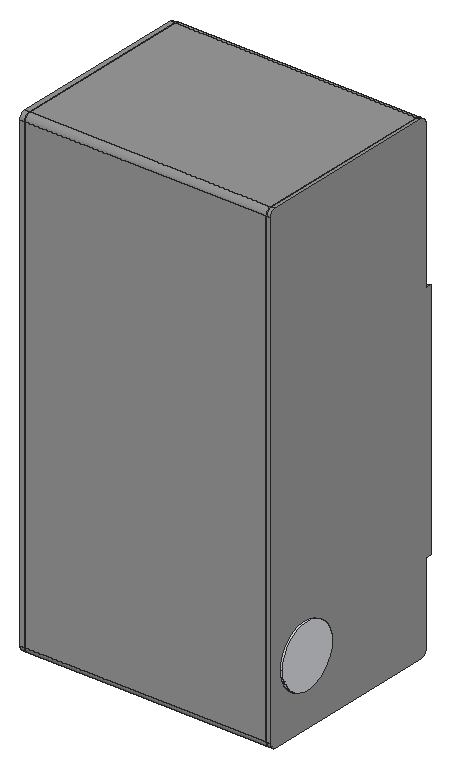
Revit family "L&L_LUCE&LIGHT_PASITO_MINI_1.0", category Lighting Fixtures, host Wall, Revit 2018
Family settings
  Host = Wall
  Round Connector Dimension = Use Diameter
  Part Type = Normal
  OmniClass Number = 23.80.00.00
  OmniClass Title = Electric Power and Lighting
  Always vertical = Yes
  Cut with Voids When Loaded = No
  Light Source = Yes
  Shared = No
  Room Calculation Point = No
Parameters (values of type "PASITO_MINI_1.0 – 60°")
  Wattage = 6 W
  WIDTH = 84.0 mm
  WEIGHT KG = 0.35
  URL IMAGE = "https://www.lucelight.it/media/prodotti/foto/pasito_mini_1.0_still.jpg"
  URL DXF = "https://www.lucelight.it/media/prodotti/dxf/pasito_mini_1.0.dxf"
  URL DESCRIPTION = "https://www.lucelight.it/en/capitolato.php/118226"
  URL CATALOGUE = "https://www.lucelight.it/media/prodotti/brochure/pasito_brochure_en.pdf"
  Type Comments = "recessed, flush (wall)"
  Tilt Angle = 0.00°
  THICKNESS = 67.0 mm
  TECHNICAL SHEET = "https://www.lucelight.it/media/prodotti/st/ST_PASITO_MINI_10.pdf"
  Photometric Web File = "PASITO MINI 1.0 BF 60° [2700K 6W 230Vac] grey.IES"
  PROTECTION LEVEL = "IP 65"
  PRODUCT CODE CONFIGURATOR = "https://www.lucelight.it/en/prodotto.php/118226#a-generacodice"
  POWER SUPPLY = "24Vdc, 230Vac"
  POWER CONSUMPTION = "6W (230Vac), 5W (24Vdc)"
  MATERIAL DESCRIPTION = "body in anticorodal aluminium"
  Lamp = "LED colour white: 2700K, 3000K, 4000K"
  LIGHT MATERIAL = LIGHT_GLASS
  LENGTH = 161.0 mm
  INSTALLATION INSTRUCTION = "https://www.lucelight.it/media/prodotti/si/DSEEPM100_Pasito_Mini_10.pdf"
  ILLUMINITECHNICAL PERFORMANCE = ""
  IES PHOTOMETRIC ARCHIVE = "https://www.lucelight.it/media/prodotti/fotometrie/pasito_mini_1.0_ies.zip"
  ENERGY EFFIECIENCY CLASS = "A, A+, AA++"
  Dimming Lamp Color Temperature Shift = <None>
  URL = "https://www.lucelight.it/en/"
  built-in parameter 1150107 = 2700 (stored number, unit not read)
  Manufacturer = "L&L Luce&Light"
  built-in parameter 1150110 = 1 (stored number, unit not read)
  built-in parameter 1150109 = 1 (stored number, unit not read)
  built-in parameter 1114216 [instance] = (empty or 0)
  built-in parameter 1114218 = 1 (stored number, unit not read)
  built-in parameter 1150112 = 1 (stored number, unit not read)
  Model = "PASITO MINI 1.0"
  built-in parameter 1150137 = (empty or 0)
  built-in parameter 1150132 = (empty or 0)
  built-in parameter 1150105 = 70.924 (stored number, unit not read)
  built-in parameter 1150102 = (empty or 0)
  built-in parameter 1150106 = 0.70924 (stored number, unit not read)
  Lumens = 891.252 lm
  Color Filter = 16777215
  built-in parameter 1114217 = 1 (stored number, unit not read)
  built-in parameter 1150139 = (empty or 0)
  built-in parameter 1150104 = 13.8 (stored number, unit not read)
  built-in parameter 1150115 = 1 (stored number, unit not read)
  built-in parameter 1150114 = 1 (stored number, unit not read)
  built-in parameter 1150113 = 1 (stored number, unit not read)
  Description = "step light for outdoor applications"
  built-in parameter 1150134 = (empty or 0)
  built-in parameter 1150138 = (empty or 0)
  BODY MATERIAL = ALUMINIUM
  BIM USER MANUAL = "https://img.edilportale.com/bim/LUCE-LIGHT-BIM-user-manual-en-L-L-Luce-Light-bim.pdf"
  BIM BADGE = "https://bim.archiproducts.com/it/badge/bim-archiproducts-featured_658700/about"
  BIM AUTHOR = "https://bim.archiproducts.com"
  built-in parameter 1150133 = 10 (stored number, unit not read)
  ACCESSORIES = "outer casing - https://www.lucelight.it/media/accessori/dxf/wca00e.dxf"
Types (2, lengths in mm): name | Photometric Web File | built-in parameter 1150107
  PASITO_MINI_1.0 – 60° | "PASITO MINI 1.0 BF 60° [2700K 6W 230Vac] grey.IES" | 2700 (stored number, unit not read)
  PASITO_MINI_1.0 – Asymmetrical 150°x90° | "PASITO MINI 1.0 AT 150°x90° [3000K 6W 230Vac] cor-ten.IES" | 3000 (stored number, unit not read)
Reference planes
  plane 1: y = 0
  plane 2 "Centro (Sinistra/Destra)": x = 125
  plane 3 "Indietro": y = 74.988
  plane 4: through (-8600, 121.705, 105.93) normal (0, -0.5592, -0.829)
  plane 5: through (-8600, 149.247, 104.023) normal (0, -0.829, 0.5592)
Forms (mm)
  Extrusion 1, solid
    sketch origin (166.5, 139.488, 159.069) x (0, 0, 1) y (0, -1, 0)
      loop
        circle (-136.557, 50.532) r 10.25
    from 0 to 1
Lines and regions (mm)
  model lines, detail levels coarse
    curve 1: circle (125, 119.488, 0) r 39 normal (0, 0, 1)
    curve 2: line (152.577, 91.911, 0) -> (97.423, 147.065, 0)
    curve 3: line (97.494, 91.84, 0) -> (152.649, 146.994, 0)
    curve 4: circle (125, 74.988, 105.321) r 39 normal (0, -1, 0)
    curve 5: line (152.577, 74.988, 132.898) -> (97.423, 74.988, 77.744)
    curve 6: line (97.423, 74.988, 132.898) -> (152.577, 74.988, 77.744)
Text (mm)
  text "Placement side" at (-1867.185, 1116.779, 0), in view "Livello rif."
  text "Placement side" at (0, 1270.507, 3001.832), in view "Sinistra"
  text "Placement side" at (0, 530.812, 2999.686), in view "Destra"
Dimensions and locks
  locked: plane 3 "Indietro" to host wall
  aligned and locked: plane 1 to host wall
  aligned and locked: nested 1 to plane 3 "Indietro"
  aligned and locked: plane 3 "Indietro" to nested 1
  aligned and locked: nested 1 to level
Nested families
  nested 1: "PASITO_MINI _STRUCTURE_1.0" at (125, 74.988, 0) x (-1, 0, 0) z (0, 0, 1), BODY MATERIAL <- "BODY MATERIAL", LIGHT_MATERIAL <- "LIGHT MATERIAL", type "PASITO_STRUCTURE", detail levels medium+fine
    with LIGHT_MATERIAL LIGHT_GLASS, BODY MATERIAL ALUMINIUM
Connectors
  electrical at (167.5, 88.956, 22.512)
    settings: on Extrusion 1, index 1, voltage 230 V, apparent load 0 VA, apparent load phase1 0 VA, apparent load phase2 0 VA, apparent load phase3 0 VA, power factor 1, load classification "Power", number of poles 2, system type 30, power factor state 1, is connector primary yes, connector utility no, sub classification motor no, connector description ""
Definition of nested family "PASITO_MINI _STRUCTURE_1.0"
  Parameters (values of type "PASITO_STRUCTURE_1.1")
    LIGHT_MATERIAL [instance] = none
    BODY MATERIAL [instance] = none
  Types (2): name
    PASITO_STRUCTURE_1.1
    PASITO_STRUCTURE
  Reference planes
    plane 1 "Center (Front/Back)": y = 0
    plane 2: z = 0
    plane 3 "Center (Left/Right)": x = 0
    plane 4: through (0, 23.89, 82.953) normal (0, -0.829, -0.5592)
    plane 5: z = 161
    plane 6: x = -41.5
    plane 7: x = 42
  Forms (mm)
    Extrusion 1, solid, material <- "LIGHT_MATERIAL"
      sketch origin (0, -36.726, 92.531) x (0, 0.559193, -0.829038) y (-1, 0, 0)
        loop
          arc (-16.695, 24.405) -> (-30.515, 0.01) -> (-16.695, -24.385) r 28.441
          arc (-16.695, -24.385) -> (-2.876, 0.01) -> (-16.695, 24.405) r 28.441
      from -2.69 to -0.79
    Extrusion 2, solid, material <- "BODY MATERIAL"
      sketch origin (-40, 0, 0) x (0, 1, 0) y (0, 0, -1)
        loop
          line (-64.5, -109.7) -> (-64.5, -159.069)
          arc (-64.5, -159.069) -> (-63.934, -160.434) -> (-62.569, -161) r 1.931
          line (-62.569, -161) -> (-2, -161)
          arc (-2, -161) -> (-0.586, -160.414) -> (0, -159) r 2
          line (0, -159) -> (0, -2)
          arc (0, -2) -> (-0.586, -0.586) -> (-2, 0) r 2
          line (-2, 0) -> (-62.569, 0)
          arc (-62.569, 0) -> (-63.934, -0.566) -> (-64.5, -1.931) r 1.931
          line (-64.5, -1.931) -> (-64.5, -29.3) -> (-66.5, -29.3) -> (-66.5, -109.7) -> (-64.5, -109.7)
      from 0 to 1.5
    Extrusion 3, solid, material <- "BODY MATERIAL"
      sketch origin (40.5, 0, 0) x (0, -1, 0) y (0, 0, -1)
        loop
          line (64.5, -109.7) -> (66.5, -109.7) -> (66.5, -29.3) -> (64.5, -29.3) -> (64.5, -1.931)
          arc (64.5, -1.931) -> (63.934, -0.566) -> (62.569, 0) r 1.931
          line (62.569, 0) -> (2, 0)
          arc (2, 0) -> (0.586, -0.586) -> (0, -2) r 2
          line (0, -2) -> (0, -159)
          arc (0, -159) -> (0.586, -160.414) -> (2, -161) r 2
          line (2, -161) -> (62.569, -161)
          arc (62.569, -161) -> (63.934, -160.434) -> (64.5, -159.069) r 1.931
          line (64.5, -159.069) -> (64.5, -109.7)
      from 0 to 1.5
    Extrusion 4, solid, material <- "BODY MATERIAL"
      sketch origin (0, 0, 0) x (0, 1, 0) y (0, 0, -1)
        loop
          line (-64.5, -109.7) -> (-64.5, -159.069)
          arc (-64.5, -159.069) -> (-63.934, -160.434) -> (-62.569, -161) r 1.931
          line (-62.569, -161) -> (-2, -161)
          arc (-2, -161) -> (-0.586, -160.414) -> (0, -159) r 2
          line (0, -159) -> (0, -2)
          arc (0, -2) -> (-0.586, -0.586) -> (-2, 0) r 2
          line (-2, 0) -> (-62.569, 0)
          arc (-62.569, 0) -> (-63.934, -0.566) -> (-64.5, -1.931) r 1.931
          line (-64.5, -1.931) -> (-64.5, -29.3) -> (-66.266, -29.3)
          spline (-66.266, -29.3) -> (-66.333, -29.326) -> (-66.396, -29.4) -> (-66.45, -29.52) -> (-66.492, -29.675) -> (-66.518, -29.856) -> (-66.527, -30.05) -> (-66.518, -30.244) -> (-66.492, -30.425) -> (-66.45, -30.58) -> (-66.396, -30.7) -> (-66.333, -30.774) -> (-66.266, -30.8)
          line (-66.266, -30.8) -> (-62, -30.8) -> (-62, -2.5) -> (-2.5, -2.5) -> (-2.5, -158.5) -> (-62, -158.5) -> (-62, -108.2) -> (-66.246, -108.2)
          spline (-66.246, -108.2) -> (-66.314, -108.226) -> (-66.378, -108.3) -> (-66.433, -108.42) -> (-66.475, -108.575) -> (-66.501, -108.756) -> (-66.51, -108.95) -> (-66.501, -109.144) -> (-66.475, -109.325) -> (-66.433, -109.48) -> (-66.378, -109.6) -> (-66.314, -109.674) -> (-66.246, -109.7)
          line (-66.246, -109.7) -> (-64.5, -109.7)
      from -40.5 to 40
    Extrusion 5, solid, material <- "BODY MATERIAL"
      sketch origin (0, 0, 0) x (0, 1, 0) y (0, 0, 1)
        loop
          line (-39, 45.473) -> (-16.762, 94.372) -> (-44.5, 135.496) -> (-61.25, 135.496) -> (-61.25, 127.476) -> (-37.711, 92.578)
          arc (-37.711, 92.578) -> (-37.383, 91.697) -> (-37.493, 90.765) r 2
          line (-37.493, 90.765) -> (-61.25, 26.625) -> (-61.25, 16.3) -> (-39, 16.3) -> (-39, 45.473)
      from -40 to 40.5
  Dimensions and locks
    aligned and locked: level to plane 2
